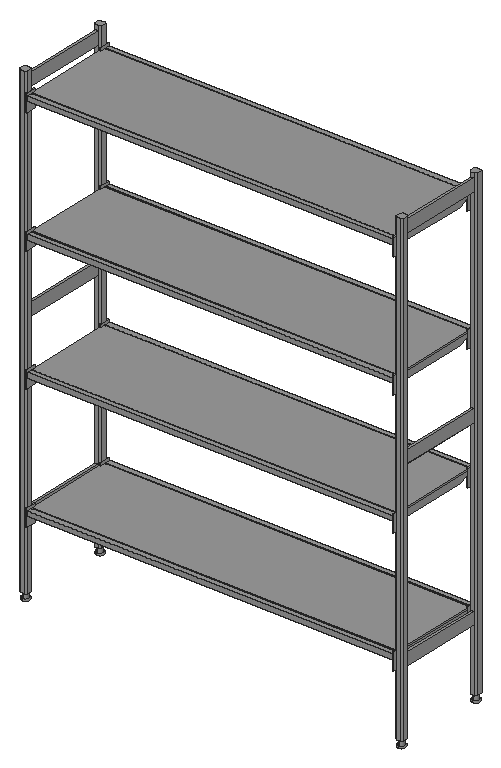
Revit family "QF_ZANUSSI_137017_ALS1394", category Attrezzature speciali, Revit 2020
Family settings
  Quota connettore circolare = Usa diametro
  Tipo di parte = Normale
  Basato su piano di lavoro = No
  Sempre verticale = Sì
  Taglio con vuoti quando caricato = No
  Condiviso = No
  Punto di calcolo locali = No
Parameters (values of type "Standard")
  Weight = 23.00 kg
  Watts = 0 W
  Volts = 0 V
  URL Manufacturer = "http://www.zanussiprofessional.com"
  URL = "http://www.zanussiprofessional.com"
  Steam Supply Size = 0 mm
  Steam Supply Minimum Pressure = 0.0 Pa
  Steam Supply Maximum Pressure = 0.0 Pa
  Steam Consumption per Hour = 0
  Refrigeration Suction Line Size = 0.0 mm
  Refrigeration Liquid Line Size = 0.0 mm
  Refrigerant Compressor Remote = yes
  Prospetto di default = 0.0 mm
  Phase = 0
  Modello = "ALS1394"
  Produttore = "Zanussi"
  Length Actual = 1394.0 mm  # constant formula
  Item Number = "137017"
  Hot Water Size = 0 mm
  Height Actual = 1700.0 mm  # constant formula
  HP = "0 HP"
  Gas Size = 0 mm
  Gas KW = 0
  Gas Input Pressure = 0 W
  Direct Waste Size = 0 mm
  Descrizione = "ALUM.LINEAR SHELV.-POLY.TIERS-373X1394MM"
  Depth Actual = 373.0 mm  # constant formula
  Cycle = 0 Hz
  Condensate Return Size = 0 mm
  Compressed Air Volume = 0.0 L/s
  Compressed Air Size = 0 mm
  Compressed Air Pressure = 0.0 Pa
  Cold Water Size = 0 mm
  Accessory = yes
Reference planes
  plane 1: z = 0
  plane 2 "Center (Left/Right)": x = -31
  plane 3 "LEFT": x = -728
  plane 4 "RIGHT": x = 666
  plane 5 "BACK": y = 23
  plane 6 "FRONT": y = -350
  plane 7 "TOP": z = 1700
  plane 8: x = 661
  plane 9: x = -696
  plane 10: x = 634
  plane 11 "Center (Front/Back)": y = -163.5
  plane 12: x = 629
  plane 13: y = -8.5
  plane 14: y = -318.5
  plane 15 "FEET": z = 25
  plane 16: z = 275
  plane 17: z = 725
  plane 18: z = 1175
  plane 19: z = 1625
  plane 20 "CXLeft": x = -714
  plane 21 "CXRight": x = 652
  plane 22: y = 5.5
  plane 23 "CYBack": y = 5.5
  plane 24 "CYFront": y = -332.5
Forms (mm)
  Extrusion 1, solid, material "QF_Aluminum"
    sketch origin (-728, 0, 0) x (0, 1, 0) y (0, 0, 1)
      loop
        line (4, 1650.994) -> (4, 1632.998) -> (23, 1632.998) -> (23, 1650.994) -> (4, 1650.994)
      loop
        line (-331, 1650.994) -> (-350, 1650.994) -> (-350, 1632.998) -> (-331, 1632.998) -> (-331, 1650.994)
      loop
        line (4, 1200.994) -> (4, 1182.998) -> (23, 1182.998) -> (23, 1200.994) -> (4, 1200.994)
      loop
        line (-331, 1200.994) -> (-350, 1200.994) -> (-350, 1182.998) -> (-331, 1182.998) -> (-331, 1200.994)
      loop
        line (4, 750.994) -> (4, 732.998) -> (23, 732.998) -> (23, 750.994) -> (4, 750.994)
      loop
        line (-331, 750.994) -> (-350, 750.994) -> (-350, 732.998) -> (-331, 732.998) -> (-331, 750.994)
      loop
        line (4, 300.994) -> (4, 282.998) -> (23, 282.998) -> (23, 300.994) -> (4, 300.994)
      loop
        line (-331, 300.994) -> (-350, 300.994) -> (-350, 282.998) -> (-331, 282.998) -> (-331, 300.994)
    from 32 to 1362
  Extrusion 2, solid, material "QF_Polyethylene"
    sketch origin (-728, 0, 0) x (0, 1, 0) y (0, 0, 1)
      loop
        line (2.007, 1650.994) -> (-329, 1650.994) -> (-329, 1644.496) -> (2.007, 1644.496) -> (2.007, 1650.994)
      loop
        line (2.007, 1200.994) -> (-329, 1200.994) -> (-329, 1194.496) -> (2.007, 1194.496) -> (2.007, 1200.994)
      loop
        line (2.007, 750.994) -> (-329, 750.994) -> (-329, 744.496) -> (2.007, 744.496) -> (2.007, 750.994)
      loop
        line (2.007, 300.994) -> (-329, 300.994) -> (-329, 294.496) -> (2.007, 294.496) -> (2.007, 300.994)
    from 32 to 1362
  Extrusion 3, solid, material "QF_Aluminum"
    sketch origin (666, 0, 0) x (0, 1, 0) y (0, 0, 1)
      loop
        line (-12, 1632.998) -> (4, 1632.998) -> (4, 1650.994) -> (2.007, 1650.994) -> (2.007, 1644.496) -> (-329, 1644.496) -> (-329, 1650.994) -> (-331, 1650.994) -> (-331, 1632.998) -> (-315, 1632.998) -> (-281, 1620.994) -> (-46, 1620.994) -> (-12, 1632.998)
      loop
        line (-12, 1182.998) -> (4, 1182.998) -> (4, 1200.994) -> (2.007, 1200.994) -> (2.007, 1194.496) -> (-329, 1194.496) -> (-329, 1200.994) -> (-331, 1200.994) -> (-331, 1182.998) -> (-315, 1182.998) -> (-281, 1170.994) -> (-46, 1170.994) -> (-12, 1182.998)
      loop
        line (-12, 732.998) -> (4, 732.998) -> (4, 750.994) -> (2.007, 750.994) -> (2.007, 744.496) -> (-329, 744.496) -> (-329, 750.994) -> (-331, 750.994) -> (-331, 732.998) -> (-315, 732.998) -> (-281, 720.994) -> (-46, 720.994) -> (-12, 732.998)
      loop
        line (-12, 282.998) -> (4, 282.998) -> (4, 300.994) -> (2.007, 300.994) -> (2.007, 294.496) -> (-329, 294.496) -> (-329, 300.994) -> (-331, 300.994) -> (-331, 282.998) -> (-315, 282.998) -> (-281, 270.994) -> (-46, 270.994) -> (-12, 282.998)
    from -32 to -37
Lines and regions (mm)
  symbolic lines
    curve 1: line (634, 4, 1700) -> (-696, 4, 1700)
    curve 2: line (-700, 23, 1700) -> (638, 23, 1700)
    curve 3: line (638, 13.246, 1700) -> (644.254, 19.5, 1700)
    curve 4: line (644.254, -8.5, 1700) -> (638, -2.246, 1700)
    curve 5: line (644.254, -318.5, 1700) -> (638, -324.754, 1700)
    curve 6: line (-700, -350, 1700) -> (638, -350, 1700)
    curve 7: line (638, 23, 1700) -> (638, -12.993, 1700)
    curve 8: line (638, -12.993, 1700) -> (634, -12.993, 1700)
    curve 9: line (638, -350, 1700) -> (638, -314.007, 1700)
    curve 10: line (638, -314.007, 1700) -> (634, -314.007, 1700)
    curve 11: line (-696, -12.993, 1700) -> (-696, -314.007, 1700)
    curve 12: line (-696, -331, 1700) -> (634, -331, 1700)
    curve 13: line (634, -12.993, 1700) -> (634, -314.007, 1700)
Dimensions and locks
  locked: plane 3 "LEFT" to plane 4 "RIGHT" at 1394
  equal spacing: plane 3 "LEFT", plane 2 "Center (Left/Right)", plane 4 "RIGHT"
  locked: plane 7 "TOP" to level at 1700
  locked: plane 5 "BACK" to plane 6 "FRONT" at 373
  locked: plane 4 "RIGHT" to plane 8 at 5
  locked: plane 9 to plane 10 at 1330
  locked: plane 3 "LEFT" to plane 9 at 32
  plane 12 to plane 10 = 5.0 mm
  locked: plane 13 to plane 14 at 310
  equal spacing: plane 13, plane 11 "Center (Front/Back)", plane 14
  equal spacing: plane 5 "BACK", plane 11 "Center (Front/Back)", plane 6 "FRONT"
  plane 15 "FEET" to level = 25.0 mm
  plane 7 "TOP" to plane 15 "FEET" = 1675.0 mm
  plane 16 to plane 15 "FEET" = 250.0 mm
  plane 17 to plane 16 = 450.0 mm
  plane 18 to plane 17 = 450.0 mm
  plane 19 to plane 18 = 450.0 mm
  locked: plane 3 "LEFT" to plane 20 "CXLeft" at 14
  locked: plane 21 "CXRight" to plane 4 "RIGHT" at 14
  locked: plane 5 "BACK" to plane 23 "CYBack" at 17.5
  locked: plane 24 "CYFront" to plane 6 "FRONT" at 17.5
  aligned and locked: level to plane 1
  aligned and locked: plane 9 to Extrusion 2
  aligned and locked: Extrusion 2 to plane 10
  aligned and locked: plane 9 to Extrusion 1
  aligned and locked: Extrusion 1 to plane 10
  aligned and locked: Extrusion 1 sketch curve to Extrusion 1 sketch curve  (x2)
  aligned and locked: Extrusion 3 sketch curve to Extrusion 3 sketch curve  (x3)
  aligned and locked: Extrusion 3 to plane 12
  aligned and locked: Extrusion 3 to plane 10
  aligned and locked: plane 20 "CXLeft" to nested 1
  aligned and locked: plane 21 "CXRight" to nested 2
Automatic sketch dimensions
  Extrusion 1 sketch curve to plane 6 "FRONT" = 0.0 mm  (x4)
  Extrusion 1 sketch curve to plane 5 "BACK" = 0.0 mm  (x4)
  plane 24 "CYFront" to Extrusion 1 sketch curve = 1.5 mm  (x2)
  plane 22 to Extrusion 1 sketch curve = 1.5 mm  (x4)
  plane 16 to Extrusion 1 sketch curve = 7.998 mm  (x2)
  Extrusion 1 sketch curve to Extrusion 1 sketch curve = 17.997 mm  (x8)
  plane 17 to Extrusion 1 sketch curve = 7.998 mm  (x2)
  plane 18 to Extrusion 1 sketch curve = 7.998 mm  (x2)
  plane 19 to Extrusion 1 sketch curve = 7.998 mm  (x2)
  plane 24 "CYFront" to Extrusion 2 sketch curve = 3.5 mm  (x4)
  plane 22 to Extrusion 2 sketch curve = 3.493 mm  (x4)
  plane 16 to Extrusion 2 sketch curve = 19.496 mm
  Extrusion 2 sketch curve to Extrusion 2 sketch curve = 6.499 mm  (x4)
  plane 17 to Extrusion 2 sketch curve = 19.496 mm
  plane 18 to Extrusion 2 sketch curve = 19.496 mm
  plane 19 to Extrusion 2 sketch curve = 19.496 mm
  plane 24 "CYFront" to Extrusion 3 sketch curve = 1.5 mm  (x4)
  Extrusion 3 sketch curve to Extrusion 3 sketch curve = 2.0 mm
  plane 14 to Extrusion 3 sketch curve = 3.5 mm  (x4)
  Extrusion 3 sketch curve to plane 16 = 4.006 mm
  Extrusion 3 sketch curve to Extrusion 3 sketch curve = 34.0 mm  (x4)
  Extrusion 3 sketch curve to plane 17 = 4.006 mm
  Extrusion 3 sketch curve to plane 18 = 4.006 mm
  Extrusion 3 sketch curve to plane 19 = 4.006 mm
  Extrusion 3 sketch curve to plane 13 = 37.5 mm  (x4)
  Extrusion 3 sketch curve to plane 13 = 3.5 mm  (x4)
  plane 22 to Extrusion 3 sketch curve = 3.493 mm  (x4)
  plane 22 to Extrusion 3 sketch curve = 1.5 mm  (x4)
  plane 16 to Extrusion 3 sketch curve = 7.998 mm  (x2)
  Extrusion 3 sketch curve to Extrusion 3 sketch curve = 11.498 mm  (x4)
  Extrusion 3 sketch curve to Extrusion 3 sketch curve = 6.499 mm  (x8)
  plane 17 to Extrusion 3 sketch curve = 7.998 mm  (x2)
  plane 18 to Extrusion 3 sketch curve = 7.998 mm  (x2)
  plane 19 to Extrusion 3 sketch curve = 7.998 mm  (x2)
  curve 6 to plane 6 "FRONT" = 0.0 mm
  curve 12 to plane 9 = 0.0 mm
  curve 12 to plane 10 = 0.0 mm
  curve 5 to plane 14 = 0.0 mm
  curve 11 to plane 9 = 0.0 mm
  curve 8 to plane 10 = 0.0 mm
  curve 4 to plane 13 = 0.0 mm
  curve 1 to plane 9 = 0.0 mm
  curve 1 to plane 10 = 0.0 mm
  curve 2 to plane 5 "BACK" = 0.0 mm
  plane 14 to curve 10 = 4.493 mm
  curve 7 to plane 13 = 4.493 mm
  curve 10 to plane 10 = 4.0 mm
  curve 7 to plane 10 = 4.0 mm
  plane 24 "CYFront" to curve 12 = 1.5 mm
  curve 5 to plane 14 = 6.254 mm
  plane 14 to curve 11 = 4.493 mm
  curve 11 to plane 13 = 4.493 mm
  plane 13 to curve 4 = 6.254 mm
  plane 22 to curve 1 = 1.5 mm
  curve 3 to plane 22 = 7.746 mm
  curve 3 to plane 5 "BACK" = 3.5 mm
  curve 5 to curve 9 = 6.254 mm
  curve 3 to curve 2 = 6.254 mm
  curve 4 to curve 7 = 6.254 mm
  plane 9 to curve 2 = 4.0 mm
  plane 9 to curve 6 = 4.0 mm
Nested families
  nested 1: "WT_Anta373" at (-311, 0, 0), type "WT_Anta373"
  nested 2: "WT_Anta373" at (249, 0, 0) x (-1, 0, 0) z (0, 0, 1), type "WT_Anta373"
Definition of nested family "WT_Anta373"
  Parameters
    WidthLeft = A + 64.0 mm  # 772.0 mm
    Width = 1606.0 mm
    Right = WidthLeft / 2  # 386.0 mm
    Default Elevation = 0.0 mm
    Left = -WidthLeft / 2  # -386.0 mm
    Height = 1725.0 mm
    FEET = 25.0 mm
    E = 0.0 mm
    Dint = Depth - 63.0 mm  # 310.0 mm
    Dext = Depth - 8.0 mm  # 365.0 mm
    Depth = 373.0 mm
    DX = (WidthLeft - A) / 2  # 32.0 mm
    B = 798.0 mm
    A = 708.0 mm
  Reference planes
    plane 1: z = 0
    plane 2 "LEFT": x = -417
    plane 3 "BACK": y = 23
    plane 4 "FRONT": y = -350
    plane 5 "TOP": z = 1725
    plane 6 "Center (Front/Back)": y = -163.5
    plane 7: y = -8.5
    plane 8: y = -318.5
    plane 9 "FEET": z = 25
    plane 10: z = 275
    plane 11: z = 725
    plane 12: z = 1175
    plane 13: z = 1625
    plane 14 "CXLeft": x = -403
    plane 15: y = 5.5
    plane 16 "CYBack": y = 5.5
    plane 17 "CYFront": y = -332.5
    plane 18: x = -385.031
    plane 19: x = -380.031
  Forms (mm)
    Extrusion 1, solid
      sketch origin (0, 0, 0) x (1, 0, 0) y (0, 1, 0)
        loop
          line (-417, 13.246) -> (-417, -2.246) -> (-410.746, -8.5) -> (-395.254, -8.5) -> (-389, -2.246) -> (-389, 13.246) -> (-395.254, 19.5) -> (-410.746, 19.5) -> (-417, 13.246)
      from 1725 to 25
    Extrusion 2, solid
      sketch origin (-417, 0, 0) x (0, 1, 0) y (0, 0, 1)
        loop
          line (23, 246.005) -> (23, 307.993) -> (-12.993, 307.993) -> (-12.993, 246.005) -> (23, 246.005)
        loop
          line (-350, 246.005) -> (-314.007, 246.005) -> (-314.007, 307.993) -> (-350, 307.993) -> (-350, 246.005)
        loop
          line (23, 696.005) -> (23, 757.993) -> (-12.993, 757.993) -> (-12.993, 696.005) -> (23, 696.005)
        loop
          line (-350, 696.005) -> (-314.007, 696.005) -> (-314.007, 757.993) -> (-350, 757.993) -> (-350, 696.005)
        loop
          line (23, 1146.005) -> (23, 1207.993) -> (-12.993, 1207.993) -> (-12.993, 1146.005) -> (23, 1146.005)
        loop
          line (-350, 1146.005) -> (-314.007, 1146.005) -> (-314.007, 1207.993) -> (-350, 1207.993) -> (-350, 1146.005)
        loop
          line (23, 1596.005) -> (23, 1657.993) -> (-12.993, 1657.993) -> (-12.993, 1596.005) -> (23, 1596.005)
        loop
          line (-350, 1596.005) -> (-314.007, 1596.005) -> (-314.007, 1657.993) -> (-350, 1657.993) -> (-350, 1596.005)
      from 28 to 32
    Revolve 3, solid
      sketch origin (-403, 0, 0) x (0, 1, 0) y (0, 0, 1)
        loop
          line (5.5, 25) -> (5.5, 0) -> (19, 0) -> (19, 5) -> (14, 5) -> (14, 25) -> (5.5, 25)
        axis (5.5, 25) -> (5.5, 0)
      angle from 0 to 360
    Extrusion 4, solid
      sketch origin (-403, 0, 0) x (0, 1, 0) y (0, 0, 1)
        loop
          line (-8.5, 912.382) -> (-8.5, 957.374) -> (-318.5, 957.374) -> (-318.5, 912.382) -> (-8.5, 912.382)
        loop
          line (-8.5, 1662.244) -> (-8.5, 1707.236) -> (-318.5, 1707.236) -> (-318.5, 1662.244) -> (-8.5, 1662.244)
      from -5 to 5
    Revolve 5, solid
      sketch origin (-403, -627, 0) x (0, -1, 0) y (0, 0, 1)
        loop
          line (-294.5, 25) -> (-294.5, 0) -> (-281, 0) -> (-281, 5) -> (-286, 5) -> (-286, 25) -> (-294.5, 25)
        axis (-294.5, 25) -> (-294.5, 0)
      angle from 0 to 360
    Extrusion 6, solid
      sketch origin (0, -627, 0) x (1, 0, 0) y (0, 1, 0)
        loop
          line (-417, 286.754) -> (-410.746, 280.5) -> (-395.254, 280.5) -> (-389, 286.754) -> (-389, 302.246) -> (-395.254, 308.5) -> (-410.746, 308.5) -> (-417, 302.246) -> (-417, 286.754)
      from 1725 to 25
    Extrusion 7, solid
      sketch origin (-417.031, -0.022, 0) x (0, 1, 0) y (0, 0, -1)
        loop
          line (-12, -1632.998) -> (-46, -1620.994) -> (-281, -1620.994) -> (-315, -1632.998) -> (-331, -1632.998) -> (-331, -1650.994) -> (-329, -1650.994) -> (-329, -1644.496) -> (2.007, -1644.496) -> (2.007, -1650.994) -> (4, -1650.994) -> (4, -1632.998) -> (-12, -1632.998)
        loop
          line (-12, -1182.998) -> (-46, -1170.994) -> (-281, -1170.994) -> (-315, -1182.998) -> (-331, -1182.998) -> (-331, -1200.994) -> (-329, -1200.994) -> (-329, -1194.496) -> (2.007, -1194.496) -> (2.007, -1200.994) -> (4, -1200.994) -> (4, -1182.998) -> (-12, -1182.998)
        loop
          line (-12, -732.998) -> (-46, -720.994) -> (-281, -720.994) -> (-315, -732.998) -> (-331, -732.998) -> (-331, -750.994) -> (-329, -750.994) -> (-329, -744.496) -> (2.007, -744.496) -> (2.007, -750.994) -> (4, -750.994) -> (4, -732.998) -> (-12, -732.998)
        loop
          line (-12, -282.998) -> (-46, -270.994) -> (-281, -270.994) -> (-315, -282.998) -> (-331, -282.998) -> (-331, -300.994) -> (-329, -300.994) -> (-329, -294.496) -> (2.007, -294.496) -> (2.007, -300.994) -> (4, -300.994) -> (4, -282.998) -> (-12, -282.998)
      from -32 to -37
    Extrusion 8, solid
      sketch origin (-403, 0, -659.878) x (0, 1, 0) y (0, 0, 1)
        loop
          line (-8.5, 912.382) -> (-8.5, 957.374) -> (-318.5, 957.374) -> (-318.5, 912.382) -> (-8.5, 912.382)
        loop
          line (-8.5, 1572.382) -> (-8.5, 1617.374) -> (-318.5, 1617.374) -> (-318.5, 1572.382) -> (-8.5, 1572.382)
        loop
          line (-8.5, 2322.382) -> (-8.5, 2367.374) -> (-318.5, 2367.374) -> (-318.5, 2322.382) -> (-8.5, 2322.382)
      from -5 to 5
  Lines and regions (mm)
    symbolic lines
      curve 1: line (-408, -8.5, 1725) -> (-408, -318.5, 1725)
      curve 2: line (-398, -318.5, 1725) -> (-398, -8.5, 1725)
      curve 3: line (-395.254, -8.5, 1725) -> (-410.746, -8.5, 1725)
      curve 4: line (-417, -2.246, 1725) -> (-410.746, -8.5, 1725)
      curve 5: line (-417, 13.246, 1725) -> (-417, -2.246, 1725)
      curve 6: line (-410.746, 19.5, 1725) -> (-417, 13.246, 1725)
      curve 7: line (-395.254, 19.5, 1725) -> (-410.746, 19.5, 1725)
      curve 8: line (-389, 13.246, 1725) -> (-395.254, 19.5, 1725)
      curve 9: line (-395.254, -8.5, 1725) -> (-389, -2.246, 1725)
      curve 10: line (-395.254, -318.5, 1725) -> (-410.746, -318.5, 1725)
      curve 11: line (-417, -324.754, 1725) -> (-410.746, -318.5, 1725)
      curve 12: line (-410.746, -346.5, 1725) -> (-417, -340.246, 1725)
      curve 13: line (-395.254, -346.5, 1725) -> (-410.746, -346.5, 1725)
      curve 14: line (-389, -340.246, 1725) -> (-395.254, -346.5, 1725)
      curve 15: line (-395.254, -318.5, 1725) -> (-389, -324.754, 1725)
      curve 16: line (-389, -350, 1725) -> (-389, -314.007, 1725)
      curve 17: line (-389, -314.007, 1725) -> (-385, -314.007, 1725)
      curve 18: line (-389, 23, 1725) -> (-389, -12.993, 1725)
      curve 19: line (-389, -12.993, 1725) -> (-385, -12.993, 1725)
      curve 20: line (-417, -324.754, 1725) -> (-417, -340.246, 1725)
      curve 21: line (-385, -350, 1725) -> (-385, -314.007, 1725)
      curve 22: line (-385, -350, 1725) -> (-389, -350, 1725)
      curve 23: line (-385, 23, 1725) -> (-389, 23, 1725)
      curve 24: line (-385, -12.993, 1725) -> (-385, 23, 1725)
      curve 25: line (-385.031, -13.016, 1725) -> (-385.031, -314.029, 1725)
  Dimensions and locks
    "Height": plane 5 "TOP" to level
    "Depth": plane 3 "BACK" to plane 4 "FRONT"
    "Dint": plane 7 to plane 8
    equal spacing: plane 7, plane 6 "Center (Front/Back)", plane 8
    equal spacing: plane 3 "BACK", plane 6 "Center (Front/Back)", plane 4 "FRONT"
    plane 9 "FEET" to level = 25.0 mm
    plane 5 "TOP" to plane 9 "FEET" = 1700.0 mm
    plane 10 to plane 9 "FEET" = 250.0 mm
    plane 11 to plane 10 = 450.0 mm
    plane 12 to plane 11 = 450.0 mm
    plane 13 to plane 12 = 450.0 mm
    locked: plane 2 "LEFT" to plane 14 "CXLeft" at 14
    locked: plane 3 "BACK" to plane 16 "CYBack" at 17.5
    locked: plane 17 "CYFront" to plane 4 "FRONT" at 17.5
    locked: Revolve 3 sketch curve to Revolve 3 sketch curve at 8.5
    locked: Revolve 3 sketch curve to plane 16 "CYBack" at 13.5
    locked: Revolve 5 sketch curve to Revolve 5 sketch curve at 8.5
    aligned and locked: level to plane 1
    aligned and locked: curve 20 to Extrusion 6
    aligned and locked: plane 5 "TOP" to Extrusion 1
    aligned and locked: plane 5 "TOP" to Extrusion 6
    aligned and locked: Extrusion 7 sketch curve to Extrusion 7 sketch curve  (x3)
  Automatic sketch dimensions
    curve 16 to plane 4 "FRONT" = 0.0 mm
    curve 11 to plane 8 = 0.0 mm
    curve 9 to plane 7 = 0.0 mm
    curve 5 to plane 2 "LEFT" = 0.0 mm
    curve 23 to plane 3 "BACK" = 0.0 mm
    plane 4 "FRONT" to curve 13 = 3.5 mm
    curve 20 to plane 17 "CYFront" = 7.746 mm
    curve 20 to plane 8 = 6.254 mm
    plane 8 to curve 16 = 4.493 mm
    curve 24 to plane 18 = 0.031 mm
    curve 24 to plane 7 = 4.493 mm
    plane 7 to curve 5 = 6.254 mm
    curve 5 to plane 15 = 7.746 mm
    curve 6 to plane 3 "BACK" = 3.5 mm
    curve 21 to plane 18 = 0.031 mm
    plane 18 to curve 23 = 3.969 mm
    plane 18 to curve 16 = 3.969 mm
    curve 18 to curve 8 = 6.254 mm
    curve 18 to curve 3 = 6.254 mm
    curve 16 to curve 13 = 6.254 mm
    curve 16 to curve 15 = 6.254 mm
    plane 2 "LEFT" to curve 10 = 6.254 mm
    plane 2 "LEFT" to curve 7 = 6.254 mm
    plane 2 "LEFT" to curve 12 = 6.254 mm
    plane 2 "LEFT" to curve 3 = 6.254 mm
    curve 14 to plane 17 "CYFront" = 7.746 mm
    curve 15 to plane 8 = 6.254 mm
    plane 7 to curve 9 = 6.254 mm
    curve 8 to plane 15 = 7.746 mm
    curve 3 to curve 2 = 2.746 mm
    curve 1 to curve 10 = 2.746 mm
    Extrusion 1 sketch curve to plane 2 "LEFT" = 0.0 mm
    Extrusion 1 sketch curve to plane 7 = 0.0 mm
    plane 2 "LEFT" to Extrusion 1 sketch curve = 6.254 mm  (x2)
    plane 14 "CXLeft" to Extrusion 1 sketch curve = 7.746 mm  (x2)
    Extrusion 1 sketch curve to plane 3 "BACK" = 3.5 mm
    plane 18 to Extrusion 1 sketch curve = 3.969 mm
    plane 7 to Extrusion 1 sketch curve = 6.254 mm  (x2)
    Extrusion 1 sketch curve to plane 15 = 7.746 mm  (x2)
    Extrusion 2 sketch curve to plane 4 "FRONT" = 0.0 mm  (x4)
    Extrusion 2 sketch curve to plane 3 "BACK" = 0.0 mm  (x4)
    plane 8 to Extrusion 2 sketch curve = 4.493 mm  (x4)
    Extrusion 2 sketch curve to plane 7 = 4.493 mm  (x4)
    Extrusion 2 sketch curve to plane 10 = 28.995 mm  (x2)
    plane 10 to Extrusion 2 sketch curve = 32.993 mm  (x2)
    Extrusion 2 sketch curve to plane 11 = 28.995 mm  (x2)
    plane 11 to Extrusion 2 sketch curve = 32.993 mm  (x2)
    Extrusion 2 sketch curve to plane 12 = 28.995 mm  (x2)
    plane 12 to Extrusion 2 sketch curve = 32.993 mm  (x2)
    Extrusion 2 sketch curve to plane 13 = 28.995 mm  (x2)
    plane 13 to Extrusion 2 sketch curve = 32.993 mm  (x2)
    Revolve 3 sketch curve to plane 9 "FEET" = 0.0 mm  (x2)
    Revolve 3 sketch curve to plane 15 = 0.0 mm  (x2)
    Revolve 3 sketch curve to level = 0.0 mm
    level to Revolve 3 sketch curve = 5.0 mm
    Revolve 3 sketch curve to Revolve 3 sketch curve = 11.655 mm
    Extrusion 4 sketch curve to plane 8 = 0.0 mm  (x2)
    Extrusion 4 sketch curve to plane 7 = 0.0 mm  (x2)
    plane 11 to Extrusion 4 sketch curve = 187.382 mm
    Extrusion 4 sketch curve to Extrusion 4 sketch curve = 44.992 mm
    plane 13 to Extrusion 4 sketch curve = 37.244 mm
    Extrusion 4 sketch curve to plane 5 "TOP" = 17.764 mm
    Revolve 5 sketch curve to plane 9 "FEET" = 0.0 mm  (x2)
    Revolve 5 sketch curve to plane 17 "CYFront" = 0.0 mm  (x2)
    Revolve 5 sketch curve to level = 0.0 mm
    Revolve 5 sketch curve to plane 4 "FRONT" = 4.0 mm
    Revolve 5 sketch curve to Revolve 5 sketch curve = 5.0 mm
    level to Revolve 5 sketch curve = 11.655 mm
    Extrusion 6 sketch curve to plane 2 "LEFT" = 0.0 mm
    Extrusion 6 sketch curve to plane 8 = 0.0 mm
    Extrusion 6 sketch curve to plane 2 "LEFT" = 6.254 mm  (x2)
    Extrusion 6 sketch curve to plane 14 "CXLeft" = 7.746 mm  (x2)
    Extrusion 6 sketch curve to plane 4 "FRONT" = 3.5 mm
    Extrusion 6 sketch curve to plane 18 = 3.969 mm
    plane 8 to Extrusion 6 sketch curve = 6.254 mm  (x2)
    plane 17 "CYFront" to Extrusion 6 sketch curve = 7.746 mm  (x2)
    plane 17 "CYFront" to Extrusion 7 sketch curve = 1.478 mm  (x4)
    Extrusion 7 sketch curve to Extrusion 7 sketch curve = 2.0 mm
    plane 8 to Extrusion 7 sketch curve = 3.478 mm  (x4)
    Extrusion 7 sketch curve to plane 10 = 4.006 mm
    Extrusion 7 sketch curve to Extrusion 7 sketch curve = 34.0 mm  (x4)
    Extrusion 7 sketch curve to plane 11 = 4.006 mm
    Extrusion 7 sketch curve to plane 12 = 4.006 mm
    Extrusion 7 sketch curve to plane 13 = 4.006 mm
    Extrusion 7 sketch curve to plane 7 = 37.522 mm  (x4)
    Extrusion 7 sketch curve to plane 7 = 3.522 mm  (x4)
    plane 15 to Extrusion 7 sketch curve = 3.516 mm  (x4)
    plane 15 to Extrusion 7 sketch curve = 1.522 mm  (x4)
    plane 13 to Extrusion 7 sketch curve = 7.998 mm  (x2)
    Extrusion 7 sketch curve to Extrusion 7 sketch curve = 11.498 mm
    Extrusion 7 sketch curve to Extrusion 7 sketch curve = 6.499 mm  (x5)
    plane 12 to Extrusion 7 sketch curve = 25.994 mm  (x2)
    plane 12 to Extrusion 7 sketch curve = 7.998 mm  (x2)
    plane 11 to Extrusion 7 sketch curve = 25.994 mm  (x2)
    plane 11 to Extrusion 7 sketch curve = 7.998 mm  (x2)
    plane 10 to Extrusion 7 sketch curve = 25.994 mm  (x2)
    plane 10 to Extrusion 7 sketch curve = 7.998 mm  (x2)
    curve 25 to plane 18 = 0.0 mm
    plane 8 to curve 25 = 4.471 mm
    curve 25 to plane 7 = 4.516 mm
    Extrusion 8 sketch curve to plane 8 = 0.0 mm  (x3)
    Extrusion 8 sketch curve to plane 7 = 0.0 mm  (x3)
    Extrusion 8 sketch curve to plane 10 = 22.496 mm
    plane 10 to Extrusion 8 sketch curve = 22.496 mm
    plane 11 to Extrusion 8 sketch curve = 187.504 mm
    Extrusion 8 sketch curve to Extrusion 8 sketch curve = 44.992 mm
    plane 13 to Extrusion 8 sketch curve = 37.504 mm
    Extrusion 8 sketch curve to plane 5 "TOP" = 17.504 mm
